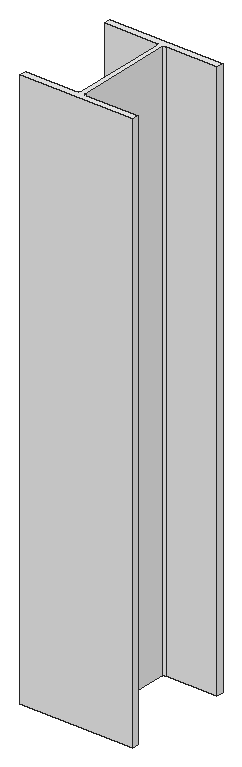
Revit family
Parameters (values of type "WWF500x306")
  kr = k - (tw / 2)  # 10 mm
  기둥 재료 [instance] = 금속 - 스틸 - 345 MPa
  Assembly Code = ""
  A = 0.039 m²
  W = 3
  bf = 500 mm
  d = 500 mm
  k = 20 mm
  tf = 30 mm
  tw = 20 mm
Reference planes
  plane 1: y = 0
  plane 2: z = 0
  plane 3: x = 0
  plane 4: x = -250
  plane 5: x = 250
  plane 6: y = 250
  plane 7: y = -250
  plane 8: x = -3.969
  plane 9: x = 3.969
Forms (mm)
  Extrusion 1, solid, material "금속 - 스틸 - 345 MPa" <- "기둥 재료", detail levels medium
    sketch origin (0, 0, 0) x (1, 0, 0) y (0, 1, 0)
      loop
        line (-250, 250) -> (-250, 220) -> (-10, 220) -> (-10, -220) -> (-250, -220) -> (-250, -250) -> (250, -250) -> (250, -220) -> (10, -220) -> (10, 220) -> (250, 220) -> (250, 250) -> (-250, 250)
    from 0 to 2500
  Extrusion 2, solid, material "금속 - 스틸 - 345 MPa" <- "기둥 재료", detail levels fine
    sketch origin (0, 0, 0) x (1, 0, 0) y (0, 1, 0)
      loop
        line (-250, 250) -> (-250, 220) -> (-20, 220)
        arc (-20, 220) -> (-12.929, 217.071) -> (-10, 210) r 10
        line (-10, 210) -> (-10, -210)
        arc (-10, -210) -> (-12.929, -217.071) -> (-20, -220) r 10
        line (-20, -220) -> (-250, -220) -> (-250, -250) -> (250, -250) -> (250, -220) -> (20, -220)
        arc (20, -220) -> (12.929, -217.071) -> (10, -210) r 10
        line (10, -210) -> (10, 210)
        arc (10, 210) -> (12.929, 217.071) -> (20, 220) r 10
        line (20, 220) -> (250, 220) -> (250, 250) -> (-250, 250)
    from 0 to 2500
Lines and regions (mm)
  symbolic lines, style "StructuralColumnStickSymbols", detail levels coarse
    curve 1: line (-250, 250, 0) -> (250, 250, 0)
    curve 2: line (-250, -250, 0) -> (250, -250, 0)
    curve 3: line (0, 250, 0) -> (0, -250, 0)
  symbolic lines, style "숨겨진 면", detail levels medium+fine
    curve 4: line (-3.969, 0, 0) -> (-3.969, 0, 2500)
    curve 5: line (3.969, 0, 2500) -> (3.969, 0, 0)
Dimensions and locks
  equal spacing: plane 4, plane 3, plane 5
  equal spacing: plane 7, plane 1, plane 6
  "d": plane 7 to plane 6
  "bf": plane 4 to plane 5
  "tf": plane 7 to Extrusion 1 sketch curve
  "tf": Extrusion 1 sketch curve to plane 6
  equal spacing: Extrusion 1 sketch curve, plane 3, Extrusion 1 sketch curve
  "tw": Extrusion 1 sketch curve to Extrusion 1 sketch curve
  "kr": radius of Extrusion 2 sketch curve  (x4)
  aligned and locked: Extrusion 1 sketch curve to plane 6
  aligned and locked: Extrusion 1 sketch curve to plane 7
  aligned and locked: Extrusion 1 sketch curve to plane 4  (x2)
  aligned and locked: plane 5 to Extrusion 1 sketch curve  (x2)
  aligned and locked: Extrusion 1 sketch curve to Extrusion 1 sketch curve  (x2)
  aligned and locked: level to Extrusion 1
  aligned and locked: level to plane 2
  aligned and locked: Extrusion 1 to plane 2
  aligned and locked: Extrusion 2 sketch curve to plane 6
  aligned and locked: plane 5 to Extrusion 2 sketch curve  (x2)
  aligned and locked: Extrusion 2 sketch curve to plane 4  (x2)
  aligned and locked: Extrusion 2 sketch curve to Extrusion 1  (x6)
  aligned and locked: Extrusion 2 sketch curve to plane 7
  aligned and locked: level to Extrusion 2
  aligned and locked: Extrusion 2 to level
Automatic sketch dimensions
  curve 2 to plane 4 = 0 mm
  curve 1 to plane 4 = 0 mm
  curve 3 to plane 3 = 0 mm
  curve 2 to plane 5 = 0 mm
  curve 1 to plane 5 = 0 mm
  curve 3 to plane 7 = 0 mm
  curve 3 to plane 6 = 0 mm
  curve 4 to level = 0 mm  (x2)
  curve 4 to plane 8 = 0 mm
  curve 5 to level = 0 mm  (x2)
  curve 5 to plane 9 = 0 mm
